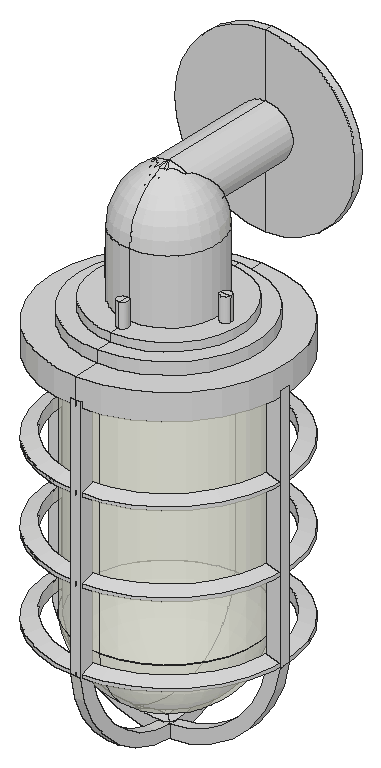
Revit family "A2 - INC", category Lighting Fixtures, host Wall, Revit 2024
Family settings
  Host = Wall
  Round Connector Dimension = Use Diameter
  Part Type = Normal
  OmniClass Number = 23.80.70.00
  OmniClass Title = Lighting
  Always vertical = Yes
  Cut with Voids When Loaded = No
  Light Source = No
  Maintain Annotation Orientation = No
  Shared = No
  Room Calculation Point = No
Parameters
  Default Elevation = 0' - 0"
Reference planes (in)
  plane 1: y = 0
  plane 2 "Light Source Axis (F/B)": y = 8
  plane 3 "Light Source Axis (L/R)": x = -1.43133
  plane 4 "Light Source Elevation": z = 77.42225
Forms (in)
  Revolve 1, solid, material "48"
    sketch origin (-1.43133, 0, 0) x (0, -1, 0) y (0, 0, 1)
      loop
        line (3, 79.60975) -> (3, 77.42225) -> (3.1875, 77.42225) -> (3.1875, 79.60975) -> (3, 79.60975)
      axis (3.1875, 77.42225) -> (3, 77.42225)
    angle from 0 to 360
  Revolve 2, solid, material "48"
    sketch origin (-1.43133, 0, 0) x (0, -1, 0) y (0, 0, 1)
      loop
        line (3.3125, 74.60974) -> (3.3125, 73.96789) -> (3.98066, 73.96789) -> (3.98066, 74.06164) -> (3.40625, 74.06164) -> (3.40625, 74.51599) -> (4.07441, 74.51599) -> (4.07441, 74.8007) -> (4.46875, 74.8007) -> (4.46875, 75.00252) -> (6.125, 75.00252) -> (6.125, 75.09627) -> (4.375, 75.09627) -> (4.375, 74.89445) -> (3.98066, 74.89445) -> (3.98066, 74.60974) -> (3.3125, 74.60974)
      axis (6.125, 75.09627) -> (6.125, 73.96789)
    angle from 0 to 360
  Revolve 3, solid
    sketch origin (-1.43133, 0, 0) x (0, -1, 0) y (0, 0, 1)
      loop
        arc (8.21794, 73.68447) -> (8.18152, 73.7724) -> (8.09359, 73.80882) r 0.12435
        arc (8.09359, 73.80882) -> (8.08037, 73.89053) -> (8.05097, 73.96789) r 0.40911
        line (8.05097, 73.96789) -> (8.05097, 74.3873) -> (7.95722, 74.3873) -> (7.95722, 73.94419)
        arc (7.95722, 73.94419) -> (7.98695, 73.87627) -> (8.00001, 73.80328) r 0.31536
        line (8.00001, 73.80328) -> (8.09359, 73.71507)
        arc (8.09359, 73.71507) -> (8.11523, 73.70611) -> (8.12419, 73.68447) r 0.0306
        line (8.12419, 73.68447) -> (8.12419, 68.27458)
        arc (8.12419, 68.27458) -> (7.48289, 66.96584) -> (6.125, 66.43647) r 2.00625
        line (6.125, 66.43647) -> (6.125, 66.34272)
        arc (6.125, 66.34272) -> (7.5478, 66.89817) -> (8.21794, 68.27069) r 2.1
        line (8.21794, 68.27069) -> (8.21794, 73.68447)
      axis (6.125, 66.34272) -> (6.125, 74.3873)
    angle from 0 to 360
  Extrusion 4, solid, material "48"
    sketch origin (-1.43133, 0, 0) x (0, -1, 0) y (0, 0, 1)
      loop
        arc (3.3125, 68.10275) -> (6.125, 65.60975) -> (8.9375, 68.10275) r 2.83297
        line (8.9375, 68.10275) -> (8.9375, 74.10975) -> (8.5995, 74.10975) -> (8.5995, 67.97147)
        arc (8.5995, 67.97147) -> (7.74551, 66.5142) -> (6.1629, 65.92403) r 2.51897
        arc (6.1629, 65.92403) -> (4.53369, 66.49004) -> (3.6505, 67.97147) r 2.51897
        line (3.6505, 67.97147) -> (3.6505, 74.10975) -> (3.3125, 74.10975) -> (3.3125, 68.10275)
    from -0.12614 to 0.12614
  Revolve 5, solid, material "48"
    sketch origin (-1.43133, 0, 0) x (0, -1, 0) y (0, 0, 1)
      loop
        line (3.3125, 72.12275) -> (3.3125, 72.04275) -> (3.6505, 71.94075) -> (3.6505, 72.22475) -> (3.3125, 72.12275)
      loop
        line (3.3125, 70.15275) -> (3.3125, 70.07275) -> (3.6505, 69.97075) -> (3.6505, 70.25475) -> (3.3125, 70.15275)
      loop
        line (3.6505, 68.28475) -> (3.3125, 68.18275) -> (3.3125, 68.10275) -> (3.6505, 68.00075) -> (3.6505, 68.28475)
      axis (6.125, 68.00075) -> (6.125, 72.22475)
    angle from 0 to 360
  Revolve 6, solid, material "48"
    sketch origin (-1.43133, 0, 0) x (0, -1, 0) y (0, 0, 1)
      loop
        line (6.125, 75.09627) -> (7.31069, 75.09627) -> (7.31069, 76.65947)
        arc (7.31069, 76.65947) -> (6.97523, 77.58384) -> (6.125, 78.07792) r 1.4413
        line (6.125, 78.07792) -> (6.125, 75.09627)
      axis (6.125, 75.09627) -> (6.125, 78.07792)
    angle from 0 to 360
  Revolve 7, solid, material "48"
    sketch origin (-1.43133, 0, 0) x (0, -1, 0) y (0, 0, 1)
      loop
        line (3.1875, 78.07792) -> (3.1875, 77.42225) -> (7.02737, 77.42225)
        arc (7.02737, 77.42225) -> (6.6521, 77.8555) -> (6.12384, 78.07792) r 1.26122
        line (6.12384, 78.07792) -> (3.1875, 78.07792)
      axis (7.02737, 77.42225) -> (3.1875, 77.42225)
    angle from 0 to 360
  Revolve 8, solid, material "48"
    sketch origin (-7.55633, -6.125, 0) x (1, 0, 0) y (0, 0, 1)
      loop
        line (4.60666, 75.09627) -> (4.73578, 75.09627) -> (4.73578, 75.65536) -> (4.60666, 75.65536) -> (4.60666, 75.09627)
      axis (4.73578, 75.65536) -> (4.73578, 75.09627)
    angle from 0 to 360
  Revolve 9, solid, material "48"
    sketch origin (4.69367, -6.125, 0) x (-1, 0, 0) y (0, 0, -1)
      loop
        line (4.60666, -75.09627) -> (4.60666, -75.65536) -> (4.73578, -75.65536) -> (4.73578, -75.09627) -> (4.60666, -75.09627)
      axis (4.73578, -75.65536) -> (4.73578, -75.09627)
    angle from 0 to 360
  Revolve 10, solid, material "48"
    sketch origin (-1.43133, -12.25, 0) x (0, 1, 0) y (0, 0, 1)
      loop
        line (4.60666, 75.09627) -> (4.73578, 75.09627) -> (4.73578, 75.65536) -> (4.60666, 75.65536) -> (4.60666, 75.09627)
      axis (4.73578, 75.65536) -> (4.73578, 75.09627)
    angle from 0 to 360
  Revolve 11, solid, material "48"
    sketch origin (-1.43133, 0, 0) x (0, -1, 0) y (0, 0, -1)
      loop
        line (4.60666, -75.09627) -> (4.60666, -75.65536) -> (4.73578, -75.65536) -> (4.73578, -75.09627) -> (4.60666, -75.09627)
      axis (4.73578, -75.65536) -> (4.73578, -75.09627)
    angle from 0 to 360
  Extrusion 12, solid, material "48"
    sketch origin (-7.55633, -6.125, 0) x (1, 0, 0) y (0, 0, 1)
      loop
        arc (3.3125, 68.10275) -> (6.125, 65.60975) -> (8.9375, 68.10275) r 2.83297
        line (8.9375, 68.10275) -> (8.9375, 74.10975) -> (8.5995, 74.10975) -> (8.5995, 67.97147)
        arc (8.5995, 67.97147) -> (7.74551, 66.5142) -> (6.1629, 65.92403) r 2.51897
        arc (6.1629, 65.92403) -> (4.53369, 66.49004) -> (3.6505, 67.97147) r 2.51897
        line (3.6505, 67.97147) -> (3.6505, 74.10975) -> (3.3125, 74.10975) -> (3.3125, 68.10275)
    from -0.12614 to 0.12614
Text (in)
  text "Placement Side" at (0, 40.15149, 123.01588), in view "Right"
  text "Placement Side" at (-70.3804, 28.46503, 0), in view "Ref. Level"
  text "Placement Side" at (0, 85.69064, 140.59947), in view "Left"
Dimensions and locks (in)
  aligned: level to host wall
